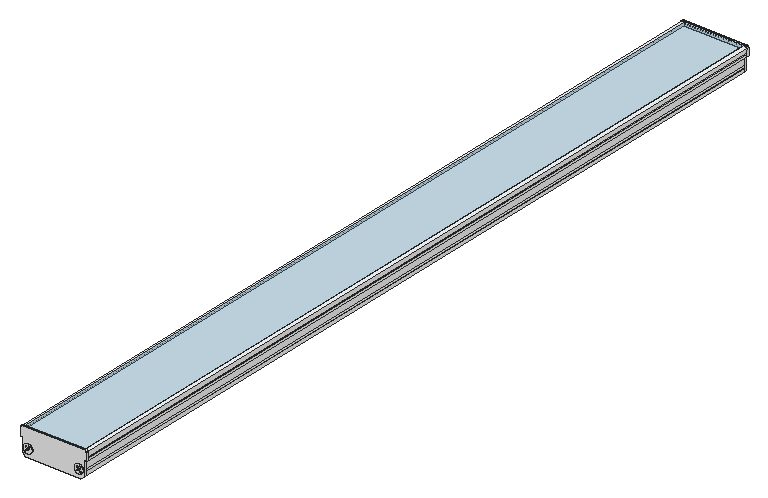
Revit family "ALS210T-LP-4RF", category Lighting Fixtures, Revit 2017
Family settings
  Round Connector Dimension = Use Diameter
  Part Type = Normal
  OmniClass Number = 23.80.70.00
  OmniClass Title = Lighting
  Work Plane-Based = Yes
  Always vertical = Yes
  Cut with Voids When Loaded = No
  Light Source = Yes
  Shared = No
  Room Calculation Point = No
Parameters (values of type "ALS210T-LP")
  Wattage = 9.2903 W
  built-in parameter 1150110 = 1 (stored number, unit not read)
  built-in parameter 1114217 = 1 (stored number, unit not read)
  Tilt Angle = 60.00°
  built-in parameter 1150109 = 1 (stored number, unit not read)
  built-in parameter 1150134 = 3
  built-in parameter 1150113 = 1 (stored number, unit not read)
  Photometric Web File = "generic"
  built-in parameter 1150142 = (empty or 0)
  built-in parameter 1150105 = 109.82 (stored number, unit not read)
  Lumens = 1380 lm
  built-in parameter 1150115 = 1 (stored number, unit not read)
  built-in parameter 1150137 = (empty or 0)
  built-in parameter 1150139 = (empty or 0)
  Length = 24.00"
  built-in parameter 1150112 = 1 (stored number, unit not read)
  built-in parameter 1150114 = 1 (stored number, unit not read)
  built-in parameter 1150132 = (empty or 0)
  built-in parameter 1150102 = (empty or 0)
  built-in parameter 1150107 = 3200 (stored number, unit not read)
  built-in parameter 1150138 = (empty or 0)
  built-in parameter 1150106 = 1.0982 (stored number, unit not read)
  Fixture Cap = Fixture Cap
  Fixture = Fixture
  Emit from Line Length = Length  # 24.00"
  built-in parameter 1150104 = 13.8 (stored number, unit not read)
  Dimming Lamp Color Temperature Shift = <None>
  Default Elevation = 48.00"
  Color Filter = 16777215
  built-in parameter 1114218 = 1 (stored number, unit not read)
  built-in parameter 1150133 = 10 (stored number, unit not read)
Reference planes (in)
  plane 1 "Light Source Axis (F/B)": y = 0
  plane 2: z = 0
  plane 3 "Light Source Axis (L/R)": x = 0
  plane 4 "Light Source Elevation": z = 55.53912
  plane 5: y = 12
  plane 6: y = -12
  plane 7: y = 12.05
  plane 8: y = -12.05
Forms (in)
  Extrusion 1, solid, material "Fixture" <- "Fixture"
    sketch origin (-0.45313, 0, -0.07812) x (1, 0, 0) y (0, 0, 1)
      loop
        line (0.61005, 0.07813) -> (2.22884, 0.07812) -> (2.32624, 0.16142) -> (2.32624, 0.25984) -> (2.29098, 0.25984) -> (2.29098, 0.34984) -> (2.32624, 0.34984) -> (2.32624, 0.57812) -> (2.38577, 0.57812) -> (2.38577, 0.62812) -> (2.34501, 0.62812) -> (2.34501, 0.68831) -> (2.38577, 0.68831) -> (2.38577, 0.79715)
        arc (2.38577, 0.79715) -> (2.34433, 0.82477) -> (2.29548, 0.83446) r 0.12791
        line (2.29548, 0.83446) -> (2.29548, 0.75078) -> (0.54342, 0.75078) -> (0.54342, 0.83446)
        arc (0.54342, 0.83446) -> (0.49457, 0.82477) -> (0.45313, 0.79715) r 0.12791
        line (0.45313, 0.79715) -> (0.45313, 0.68831) -> (0.49388, 0.68831) -> (0.49388, 0.62813) -> (0.45313, 0.62813) -> (0.45313, 0.57813) -> (0.51266, 0.57813) -> (0.51266, 0.34932) -> (0.54755, 0.34932) -> (0.54755, 0.25984) -> (0.51266, 0.25984) -> (0.51266, 0.16142) -> (0.61005, 0.07813)
      loop
        line (0.58755, 0.71078) -> (0.58755, 0.15) -> (0.62483, 0.11813) -> (2.21407, 0.11812) -> (2.25098, 0.14969) -> (2.25098, 0.71078) -> (0.58755, 0.71078)
    from -12 to 12
  Extrusion 2, solid, material "Fixture Cap" <- "Fixture Cap"
    sketch origin (-0.34789, 0.38036, -0.00531) x (1, 0, 0) y (0, 0, -1)
      loop
        circle (0.57219, -0.23331) r 0.13
      loop
        line (0.51889, -0.3043) -> (0.56839, -0.2548) -> (0.6157, -0.30212) -> (0.64018, -0.27765) -> (0.59286, -0.23033) -> (0.63952, -0.18367) -> (0.61645, -0.16059) -> (0.56978, -0.20725) -> (0.52225, -0.15972) -> (0.49778, -0.18419) -> (0.54531, -0.23173) -> (0.49582, -0.28122) -> (0.51889, -0.3043)
      loop
        circle (2.05623, -0.23331) r 0.13
      loop
        line (2.10953, -0.3043) -> (2.1326, -0.28122) -> (2.08311, -0.23173) -> (2.13064, -0.18419) -> (2.10617, -0.15972) -> (2.05864, -0.20725) -> (2.01197, -0.16059) -> (1.9889, -0.18367) -> (2.03556, -0.23033) -> (1.98824, -0.27765) -> (2.01271, -0.30212) -> (2.06003, -0.2548) -> (2.10953, -0.3043)
    from 11.66964 to 11.61964
  Extrusion 3, solid, material "Glass"
    sketch origin (-0.42414, 0, 0.04213) x (1, 0, 0) y (0, 0, 1)
      loop
        line (0.51443, 0.71356) -> (0.51443, 0.68053) -> (2.26649, 0.68053) -> (2.26649, 0.71356) -> (0.51443, 0.71356)
    from -12 to 12
  Extrusion 4, solid, material "Fixture Cap" <- "Fixture Cap"
    sketch origin (-0.45312, -0.17192, -54.94012) x (1, 0, 0) y (0, 0, -1)
      loop
        line (0.5141, -55.72012) -> (2.3248, -55.72012)
        arc (2.3248, -55.72012) -> (2.36791, -55.70226) -> (2.38577, -55.65915) r 0.06097
        line (2.38577, -55.65915) -> (2.38577, -55.44012) -> (2.32624, -55.44012) -> (2.32624, -55.02342) -> (2.22884, -54.94012) -> (0.61005, -54.94012) -> (0.51266, -55.02342) -> (0.51266, -55.44012) -> (0.45312, -55.44012) -> (0.45312, -55.65915)
        arc (0.45312, -55.65915) -> (0.47098, -55.70226) -> (0.5141, -55.72012) r 0.06097
    from 12.17192 to 12.22192
  Extrusion 5, solid, material "Fixture Cap" <- "Fixture Cap"
    sketch origin (-0.34789, -0.38036, -0.00531) x (1, 0, 0) y (0, 0, 1)
      loop
        circle (0.57219, 0.23331) r 0.13
      loop
        line (0.51889, 0.3043) -> (0.49582, 0.28122) -> (0.54531, 0.23173) -> (0.49778, 0.18419) -> (0.52225, 0.15972) -> (0.56978, 0.20725) -> (0.61645, 0.16059) -> (0.63952, 0.18367) -> (0.59286, 0.23033) -> (0.64018, 0.27765) -> (0.6157, 0.30212) -> (0.56839, 0.2548) -> (0.51889, 0.3043)
      loop
        circle (2.05623, 0.23331) r 0.13
      loop
        line (2.10953, 0.3043) -> (2.06003, 0.2548) -> (2.01271, 0.30212) -> (1.98824, 0.27765) -> (2.03556, 0.23033) -> (1.9889, 0.18367) -> (2.01197, 0.16059) -> (2.05864, 0.20725) -> (2.10617, 0.15972) -> (2.13064, 0.18419) -> (2.08311, 0.23173) -> (2.1326, 0.28122) -> (2.10953, 0.3043)
    from 11.66964 to 11.61964
  Extrusion 6, solid, material "Fixture Cap" <- "Fixture Cap"
    sketch origin (-0.45312, 0.17192, -54.94012) x (1, 0, 0) y (0, 0, 1)
      loop
        arc (0.5141, 55.72012) -> (0.47098, 55.70226) -> (0.45312, 55.65915) r 0.06097
        line (0.45312, 55.65915) -> (0.45312, 55.44012) -> (0.51266, 55.44012) -> (0.51266, 55.02342) -> (0.61005, 54.94012) -> (2.22884, 54.94012) -> (2.32624, 55.02342) -> (2.32624, 55.44012) -> (2.38577, 55.44012) -> (2.38577, 55.65915)
        arc (2.38577, 55.65915) -> (2.36791, 55.70226) -> (2.3248, 55.72012) r 0.06097
        line (2.3248, 55.72012) -> (0.5141, 55.72012)
    from 12.17192 to 12.22192
Dimensions and locks (in)
  equal spacing: plane 5, plane 1 "Light Source Axis (F/B)", plane 6
  "Length": plane 5 to plane 6
  Extrusion 6 to Extrusion 6 = 1.93265"
  imposter light to Extrusion 6 = 0.78"
  aligned and locked: level to plane 2
  aligned and locked: Extrusion 1 to plane 6
  aligned and locked: plane 5 to Extrusion 1
  aligned and locked: Extrusion 2 to plane 5
  aligned and locked: plane 5 to Extrusion 3
  aligned and locked: Extrusion 4 to Extrusion 2
  aligned and locked: Extrusion 3 to plane 6
  aligned and locked: Extrusion 6 to Extrusion 5
  aligned and locked: Extrusion 4 to plane 5
  aligned and locked: plane 7 to Extrusion 4
  aligned and locked: plane 6 to Extrusion 6
  aligned and locked: plane 6 to Extrusion 5
  aligned and locked: plane 8 to Extrusion 6
Automatic sketch dimensions
  plane 3 "Light Source Axis (L/R)" to Extrusion 2 sketch curve = 0.14793"
  Extrusion 2 sketch curve to Extrusion 2 sketch curve = 0.00196"
  Extrusion 2 sketch curve to Extrusion 2 sketch curve = 0.02307"  (x4)
  Extrusion 2 sketch curve to Extrusion 2 sketch curve = 0.02447"  (x3)
  Extrusion 2 sketch curve to Extrusion 2 sketch curve = 0.04753"
  Extrusion 2 sketch curve to Extrusion 2 sketch curve = 0.0038"
  Extrusion 2 sketch curve to Extrusion 2 sketch curve = 0.02067"  (x2)
  Extrusion 2 sketch curve to Extrusion 2 sketch curve = 0.04732"
  level to Extrusion 2 sketch curve = 0.15528"  (x2)
  Extrusion 2 sketch curve to Extrusion 2 sketch curve = 0.04666"
  level to Extrusion 2 sketch curve = 0.17835"  (x2)
  Extrusion 2 sketch curve to Extrusion 2 sketch curve = 1.34807"
  Extrusion 2 sketch curve to Extrusion 2 sketch curve = 0.00065"
  level to Extrusion 2 sketch curve = 0.29681"
  level to Extrusion 2 sketch curve = 0.20194"
  level to Extrusion 2 sketch curve = 0.24949"
  level to Extrusion 2 sketch curve = 0.22641"
  Extrusion 2 sketch curve to Extrusion 2 sketch curve = 0.02687"
  level to Extrusion 2 sketch curve = 0.15441"
  level to Extrusion 2 sketch curve = 0.29899"
  Extrusion 2 sketch curve to Extrusion 2 sketch curve = 0.00298"  (x2)
  plane 3 "Light Source Axis (L/R)" to Extrusion 3 sketch curve = 0.09029"
  level to Extrusion 3 sketch curve = 0.75569"
  Extrusion 3 sketch curve to Extrusion 3 sketch curve = 1.75206"
  Extrusion 3 sketch curve to Extrusion 3 sketch curve = 0.03303"
  Extrusion 4 sketch curve to plane 3 "Light Source Axis (L/R)" = 0.00"
  Extrusion 4 sketch curve to level = 0.00"
  plane 3 "Light Source Axis (L/R)" to Extrusion 4 sketch curve = 0.05953"
  plane 3 "Light Source Axis (L/R)" to Extrusion 4 sketch curve = 0.06097"
  Extrusion 4 sketch curve to Extrusion 4 sketch curve = 0.0974"
  Extrusion 4 sketch curve to Extrusion 4 sketch curve = 1.61879"
  Extrusion 4 sketch curve to Extrusion 4 sketch curve = 0.09596"
  Extrusion 4 sketch curve to Extrusion 4 sketch curve = 0.00144"
  Extrusion 4 sketch curve to Extrusion 4 sketch curve = 0.05953"
  level to Extrusion 4 sketch curve = 0.0833"  (x2)
  Extrusion 4 sketch curve to Extrusion 4 sketch curve = 0.4167"  (x2)
  Extrusion 4 sketch curve to Extrusion 4 sketch curve = 0.21903"
  plane 3 "Light Source Axis (L/R)" to Extrusion 5 sketch curve = 0.14793"
  Extrusion 5 sketch curve to Extrusion 5 sketch curve = 0.00196"
  Extrusion 5 sketch curve to Extrusion 5 sketch curve = 0.02307"  (x4)
  Extrusion 5 sketch curve to Extrusion 5 sketch curve = 0.02447"  (x3)
  Extrusion 5 sketch curve to Extrusion 5 sketch curve = 0.04753"
  Extrusion 5 sketch curve to Extrusion 5 sketch curve = 0.0038"
  Extrusion 5 sketch curve to Extrusion 5 sketch curve = 0.02067"  (x2)
  Extrusion 5 sketch curve to Extrusion 5 sketch curve = 0.04732"
  level to Extrusion 5 sketch curve = 0.15528"  (x2)
  Extrusion 5 sketch curve to Extrusion 5 sketch curve = 0.04666"
  level to Extrusion 5 sketch curve = 0.17835"  (x2)
  Extrusion 5 sketch curve to Extrusion 5 sketch curve = 1.34807"
  Extrusion 5 sketch curve to Extrusion 5 sketch curve = 0.00065"
  level to Extrusion 5 sketch curve = 0.29681"
  level to Extrusion 5 sketch curve = 0.20194"
  level to Extrusion 5 sketch curve = 0.24949"
  level to Extrusion 5 sketch curve = 0.22641"
  Extrusion 5 sketch curve to Extrusion 5 sketch curve = 0.02687"
  level to Extrusion 5 sketch curve = 0.15441"
  level to Extrusion 5 sketch curve = 0.29899"
  Extrusion 5 sketch curve to Extrusion 5 sketch curve = 0.00298"  (x2)
  Extrusion 6 sketch curve to plane 3 "Light Source Axis (L/R)" = 0.00"
  Extrusion 6 sketch curve to level = 0.00"
  plane 3 "Light Source Axis (L/R)" to Extrusion 6 sketch curve = 0.05953"
  plane 3 "Light Source Axis (L/R)" to Extrusion 6 sketch curve = 0.06097"
  Extrusion 6 sketch curve to Extrusion 6 sketch curve = 0.0974"
  Extrusion 6 sketch curve to Extrusion 6 sketch curve = 1.61879"
  Extrusion 6 sketch curve to Extrusion 6 sketch curve = 0.09596"
  Extrusion 6 sketch curve to Extrusion 6 sketch curve = 0.00144"
  Extrusion 6 sketch curve to Extrusion 6 sketch curve = 0.05953"
  level to Extrusion 6 sketch curve = 0.0833"  (x2)
  Extrusion 6 sketch curve to Extrusion 6 sketch curve = 0.4167"  (x2)
  Extrusion 6 sketch curve to Extrusion 6 sketch curve = 0.21903"
  Extrusion 1 sketch curve to plane 3 "Light Source Axis (L/R)" = 0.00"  (x2)
  Extrusion 1 sketch curve to level = 0.00"
  plane 3 "Light Source Axis (L/R)" to Extrusion 1 sketch curve = 0.04076"
  plane 3 "Light Source Axis (L/R)" to Extrusion 1 sketch curve = 0.05953"  (x2)
  Extrusion 1 sketch curve to Extrusion 1 sketch curve = 0.04953"
  Extrusion 1 sketch curve to Extrusion 1 sketch curve = 0.0349"
  Extrusion 1 sketch curve to Extrusion 1 sketch curve = 0.0749"
  Extrusion 1 sketch curve to Extrusion 1 sketch curve = 0.0225"
  level to Extrusion 1 sketch curve = 0.04"
  Extrusion 1 sketch curve to Extrusion 1 sketch curve = 0.01477"  (x2)
  Extrusion 1 sketch curve to Extrusion 1 sketch curve = 1.58925"
  Extrusion 1 sketch curve to Extrusion 1 sketch curve = 0.03691"
  Extrusion 1 sketch curve to Extrusion 1 sketch curve = 0.04"
  Extrusion 1 sketch curve to Extrusion 1 sketch curve = 0.0445"
  Extrusion 1 sketch curve to Extrusion 1 sketch curve = 0.03526"  (x2)
  Extrusion 1 sketch curve to Extrusion 1 sketch curve = 0.01877"
  Extrusion 1 sketch curve to Extrusion 1 sketch curve = 0.04076"  (x2)
  Extrusion 1 sketch curve to Extrusion 1 sketch curve = 0.03157"
  Extrusion 1 sketch curve to Extrusion 1 sketch curve = 0.03188"
  Extrusion 1 sketch curve to Extrusion 1 sketch curve = 0.01142"
  Extrusion 1 sketch curve to Extrusion 1 sketch curve = 0.01173"
  Extrusion 1 sketch curve to Extrusion 1 sketch curve = 0.09842"  (x2)
  Extrusion 1 sketch curve to Extrusion 1 sketch curve = 0.08947"
  Extrusion 1 sketch curve to Extrusion 1 sketch curve = 0.09"
  Extrusion 1 sketch curve to Extrusion 1 sketch curve = 0.22881"
  Extrusion 1 sketch curve to Extrusion 1 sketch curve = 0.22828"
  Extrusion 1 sketch curve to Extrusion 1 sketch curve = 0.05"  (x2)
  Extrusion 1 sketch curve to Extrusion 1 sketch curve = 0.06019"  (x2)
  Extrusion 1 sketch curve to Extrusion 1 sketch curve = 0.02247"
  Extrusion 1 sketch curve to Extrusion 1 sketch curve = 0.00423"  (x2)
  Extrusion 1 sketch curve to Extrusion 1 sketch curve = 0.04423"
  Extrusion 1 sketch curve to Extrusion 1 sketch curve = 0.04637"  (x2)
  radius of Extrusion 2 sketch curve = 0.13"  (x2)
  radius of Extrusion 5 sketch curve = 0.13"  (x2)
